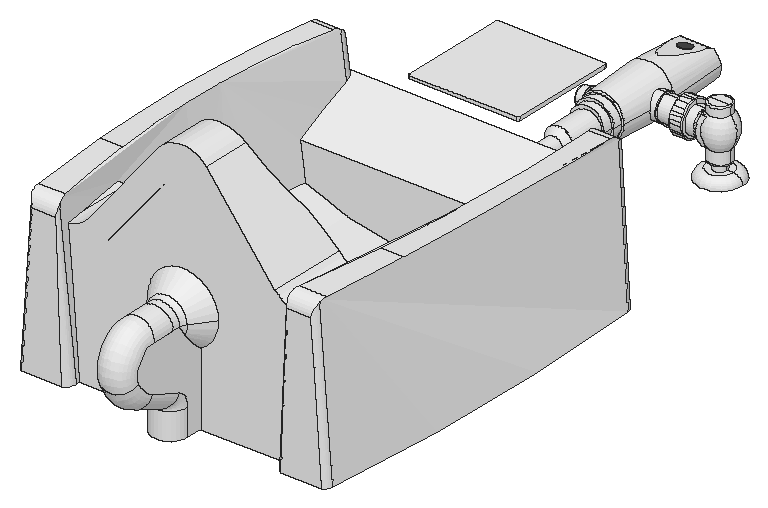
Revit family "Urinal_System-Top_Spud-American_Standard-Washbrook-6501_Series", category Plumbing Fixtures, host Face, Revit 2018
Family settings
  Host = Face
  Round Connector Dimension = Use Radius
  Part Type = Normal
  OmniClass Number = 23.45.05.21.11.21
  OmniClass Title = Urinals
  Cut with Voids When Loaded = No
  Shared = Yes
  Room Calculation Point = No
Parameters (values of type "6501.615.020")
  Working Pressure = "20 psi (flowing) - 80 psi (static)"  # constant formula
  Width = 14 1/8"  # constant formula
  Waste Connection Radius = 1"
  Waste Connection Height = 20 1/2"
  Waste Connection Diameter = Waste Connection Radius * 2  # 2"
  Waste Connection = yes
  Warranty Information = "1 Year Limited Warranty"
  WFU = 5  # constant formula
  Vent Connection = no
  URL = "http://www.americanstandard-us.com/"
  Type Comments = ""
  Shipping Weight = "56lbs (25.3kg)"
  Revised Date = "01/29/2021"  # constant formula
  Product Page URL = "https://www.americanstandard-us.com/bathroom/urinals/washbrook-10-gpf-washout-top-spud-urinal-with-selectronic-exposed-ac-flush-valve-system-22797?variant=white"
  Product Documentation Link = "https://www.americanstandard-us.com/-/media/sites/asus/files/product-specs/bulk/specsheet6501615.pdf?la=en"
  Price = "Prices may vary. Please consult Manufacturer Representative for most up-to-date price list."  # constant formula
  Model = "6501.615.020"
  Manufacturer = "American Standard"
  Length = 18 7/8"  # constant formula
  Installation Type = "Wall Mounted"
  Height = 26 1/8"  # constant formula
  HWFU = 0
  HW Connection = no
  Flushvalve = Flush_Valve-Urinal_Exposed-American_Standard-Selectronic-6062.101 : 6062.101.002
  Flush Rate = "0.125 gpf to 1.0 gpf (0.5 Lpf to 3.8 Lpf)"  # constant formula
  Flow Rate = "10gpm (37.9 L/min.)"  # constant formula
  Description = "1.0 gpf Exposed Top Spud Urinal and Selectronic® Exposed AC Urinal Flush Valve"
  Default Elevation = 17"
  Creation Date = "05/09/2019"  # constant formula
  Cold Water Connection Width = 4 3/4"
  Cold Water Connection Radius = 3/8"
  Cold Water Connection Height = 11 1/2"
  Cold Water Connection Diameter = Cold Water Connection Radius * 2  # 3/4"
  CWFU = 5  # constant formula
  CW Connection = yes
  Body Material = Ceramic-American_Standard-Vitreous_China-White
  Assembly Code = "D2010210"
  ADA Compliant = yes
Reference planes (in)
  plane 1 "Center (Front/Back)": y = 0
  plane 2: z = 0
  plane 3 "Center (Left/Right)": x = 0
  plane 4: y = 18
  plane 5: y = -8.125
  plane 6: y = -3.5
  plane 7: z = 9.25
  plane 8: x = 4.75
  plane 9: y = 29.5
  plane 10: z = 2.5
  plane 11 "Finished Floor": y = -17
  plane 12: y = 13.75
  plane 13: x = 6.75
  plane 14: x = -6.75
  plane 15: z = 2.875
  plane 16: z = 2.875
  plane 17: x = 9.4375
  plane 18: x = -9.4375
  plane 19: z = 14.125
Forms (in)
  Extrusion 1, solid, material "Ceramic-American_Standard-Vitreous_China-White" <- "Body Material"
    sketch origin (0, -1.34285, -0.00144) x (1, 0, 0) y (0, 0, -1)
      loop
        arc (-1.37413, -13.45215) -> (-0.00279, -14.11499) -> (1.36855, -13.45215) r 1.75
        line (1.36855, -13.45215) -> (5.22601, -8.58639)
        arc (5.22601, -8.58639) -> (5.88756, -8.04871) -> (6.7143, -7.84074) r 1.97077
        arc (6.7143, -7.84074) -> (7.38562, -8.00892) -> (7.8711, -8.50215) r 1.27922
        line (7.8711, -8.50215) -> (7.47718, -3.89541)
        arc (7.47718, -3.89541) -> (4.27025, -7.67877) -> (1.19134, -11.56702) r 148.62844
        arc (1.19134, -11.56702) -> (0, -12.15559) -> (-1.19134, -11.56702) r 1.5
        arc (-1.19134, -11.56702) -> (-4.27025, -7.67877) -> (-7.47718, -3.89541) r 148.62844
        line (-7.47718, -3.89541) -> (-7.87075, -8.49806)
        arc (-7.87075, -8.49806) -> (-7.38567, -8.00971) -> (-6.71773, -7.84345) r 1.27922
        arc (-6.71773, -7.84345) -> (-5.89099, -8.05143) -> (-5.22943, -8.58911) r 1.97077
        line (-5.22943, -8.58911) -> (-1.37413, -13.45215)
    from -1.2741 to 3.34285
  Sweep 2, solid, material "Ceramic-American_Standard-Vitreous_China-White" <- "Body Material"
    path origin (-23.75, -0.84285, 76.24856) x (0, 0, -1) y (0, 1, 0)
      loop
        line (74.67873, 17.45381) -> (74.67873, 4.92932)
        arc (74.67873, 4.92932) -> (74.10551, 3.08613) -> (72.58806, 1.89313) r 3.25
        arc (72.58806, 1.89313) -> (68.10802, 0.84546) -> (63.51086, 1.03094) r 17.08899
    profile origin (-23.75, 10.34872, 1.56984) x (0, 0, -1) y (1, 0, 0)
      loop
        line (-1.23491, 16.38031) -> (1.57846, 16.38031) -> (1.57846, 31.11969) -> (-1.23491, 31.11969)
        arc (-1.23491, 31.11969) -> (0.60163, 23.75) -> (-1.23491, 16.38031) r 15.70488
  Extrusion 3, void
    sketch origin (0, -1.34285, -0.00144) x (1, 0, 0) y (0, 0, -1)
      loop
        arc (-6.66067, -7.79822) -> (-7.39186, -8.00284) -> (-7.87826, -8.58587) r 1.27922
        line (-7.87826, -8.58587) -> (-7.87826, -14.00144) -> (-1.37826, -14.00144) -> (-1.37826, -13.32974) -> (-5.17238, -8.54388)
        arc (-5.17238, -8.54388) -> (-5.83393, -8.0062) -> (-6.66067, -7.79822) r 1.97077
      loop
        line (1.37134, -13.33847) -> (1.37134, -14.00144) -> (7.87826, -14.00144) -> (7.87826, -8.58587)
        arc (7.87826, -8.58587) -> (7.39186, -8.00284) -> (6.66067, -7.79822) r 1.27922
        arc (6.66067, -7.79822) -> (5.83393, -8.0062) -> (5.17238, -8.54388) r 1.97077
        line (5.17238, -8.54388) -> (1.37134, -13.33847)
    from -0.73459 to 2.9547
  Extrusion 4, void
    sketch origin (-23.76037, -1.34285, 16.50885) x (1, 0, 0) y (0, 0, -1)
      loop
        circle (23.78878, 10.62706) r 0.75
    from -2.92462 to 3.88871
  Sweep 5, solid, material "Ceramic-American_Standard-Vitreous_China-White" <- "Body Material"
    path origin (0, -3.02724, 60.37356) x (0, 0, -1) y (0, 1, 0)
      loop
        line (60.3865, -0.47276) -> (58.84768, -0.47276)
        arc (58.84768, -0.47276) -> (58.24702, -0.6564) -> (57.85174, -1.14453) r 1.07415
        line (57.85174, -1.14453) -> (57.09699, -3.0126)
        arc (57.09699, -3.0126) -> (56.7311, -3.57004) -> (56.17935, -3.94446) r 1.70451
        arc (56.17935, -3.94446) -> (55.06218, -3.84006) -> (54.5316, -2.85139) r 1.18643
        line (54.5316, -2.85139) -> (54.5316, -1.55273)
    profile origin (0, -3.5, 0.75647) x (0, -1, 0) y (1, 0, 0)
      loop
        arc (0, -1) -> (1, 0) -> (0, 1) r 1
        line (0, 1) -> (-0.55391, 1) -> (-0.55391, -1) -> (0, -1)
  Extrusion 6, void
    sketch origin (0, -3.71581, 60.21449) x (0, 0, 1) y (0, 1, 0)
      loop
        line (-50.5, 21.60572) -> (-50.5, 22.54322) -> (-60, 22.54322) -> (-60, 21.71581) -> (-52.47891, 21.71581)
        arc (-52.47891, 21.71581) -> (-51.79796, 21.44814) -> (-51.48155, 20.78844) r 1
        arc (-51.48155, 20.78844) -> (-51.07876, 13.40828) -> (-50.94444, 6.01835) r 203.35351
        line (-50.94444, 6.01835) -> (-50.94444, 1.08835)
        arc (-50.94444, 1.08835) -> (-51.18097, 0.51733) -> (-51.752, 0.2808) r 0.80755
        line (-51.752, 0.2808) -> (-60.21449, 0.2808) -> (-60.21449, -0.14428) -> (-50.5, -0.14428) -> (-50.5, 21.60572)
    from -9.77502 to 9.75
  Blend 7, solid, material "Ceramic-American_Standard-Vitreous_China-White" <- "Body Material"
    base sketch origin (-0.25, 0, -0.375) x (1, 0, 0) y (0, 0, 1)
      loop
        line (8.26389, 6.75) -> (-7.76389, 6.75) -> (-7.76389, 0.375) -> (8.26389, 0.375) -> (8.26389, 6.75)
    top sketch origin (-0.25, 0, -0.375) x (1, 0, 0) y (0, 0, 1)
      loop
        line (7.74782, 4.875) -> (-7.24782, 4.875) -> (-7.24782, 0.21449) -> (7.74782, 0.21449) -> (7.74782, 4.875)
    from -18 to -14.30259
  Blend 8, solid, material "Ceramic-American_Standard-Vitreous_China-White" <- "Body Material"
    base sketch origin (-60.56312, -3.49988, -0.00144) x (1, 0, 0) y (0, 1, 0)
      loop
        line (69.1113, 21.49988) -> (66.98174, 21.49988)
        arc (66.98174, 21.49988) -> (66.5545, 21.30319) -> (66.42609, 20.85072) r 0.56238
        arc (66.42609, 20.85072) -> (67.20808, 10.77691) -> (66.42645, 0.70307) r 65.29284
        arc (66.42645, 0.70307) -> (66.56541, 0.21346) -> (67.02771, 0.00064) r 0.60855
        line (67.02771, 0.00064) -> (68.81378, 0.00064)
        arc (68.81378, 0.00064) -> (69.18097, 0.14139) -> (69.36001, 0.49152) r 0.54936
        arc (69.36001, 0.49152) -> (69.98697, 10.72354) -> (69.68234, 20.97023) r 112.79114
        arc (69.68234, 20.97023) -> (69.50073, 21.34708) -> (69.1113, 21.49988) r 0.57266
    top sketch origin (-60.56312, -3.49988, -0.00144) x (1, 0, 0) y (0, 1, 0)
      loop
        line (68.62783, 21.49988) -> (68.25301, 21.49988)
        arc (68.25301, 21.49988) -> (67.97755, 21.37692) -> (67.88514, 21.08978) r 0.37004
        arc (67.88514, 21.08978) -> (68.25201, 10.66405) -> (67.09212, 0.29656) r 71.23018
        arc (67.09212, 0.29656) -> (67.14554, 0.09092) -> (67.33787, 0.00064) r 0.25
        line (67.33787, 0.00064) -> (68.17151, 0.00064)
        arc (68.17151, 0.00064) -> (68.50555, 0.1286) -> (68.66862, 0.44696) r 0.5
        arc (68.66862, 0.44696) -> (69.30481, 10.80196) -> (68.98263, 21.17148) r 112.29347
        arc (68.98263, 21.17148) -> (68.86955, 21.40518) -> (68.62783, 21.49988) r 0.35586
    from 0.00144 to 9.46593
  Extrusion 9, void
    sketch origin (0, 0, 0) x (1, 0, 0) y (0, 1, 0)
      loop
        arc (3.161, 1.02122) -> (5.25978, 1.87231) -> (7.5, 1.53968) r 4.30252
        line (7.5, 1.53968) -> (7.5, 3.99677) -> (-7.5, 3.99677) -> (-7.5, 1.49677)
        arc (-7.5, 1.49677) -> (-5.21679, 1.87816) -> (-3.06639, 1.02122) r 4.30252
        arc (-3.06639, 1.02122) -> (0.0473, -0.03068) -> (3.161, 1.02122) r 5.13433
    from 3.89398 to 14.125
  Extrusion 10, solid, material "Ceramic-American_Standard-Vitreous_China-White" <- "Body Material"
    sketch origin (0, 0, 0) x (1, 0, 0) y (0, 0, 1)
      loop
        line (6.52102, 0) -> (6.84414, 4.62077)
        arc (6.84414, 4.62077) -> (3.96542, 8.0506) -> (1.19134, 11.56559) r 148.62844
        arc (1.19134, 11.56559) -> (0, 12.15415) -> (-1.19134, 11.56559) r 1.5
        arc (-1.19134, 11.56559) -> (-3.93349, 8.08984) -> (-6.77795, 4.69731) r 148.62844
        line (-6.77795, 4.69731) -> (-6.44949, 0) -> (6.52102, 0)
    from 2.45414 to 2.61695
  Blend 11, solid, material "Ceramic-American_Standard-Vitreous_China-White" <- "Body Material"
    base sketch origin (60.56312, -3.49988, -0.00144) x (-1, 0, 0) y (0, -1, 0)
      loop
        arc (69.1113, -21.49988) -> (69.50073, -21.34708) -> (69.68234, -20.97023) r 0.57266
        arc (69.68234, -20.97023) -> (69.98697, -10.72354) -> (69.36001, -0.49152) r 112.79114
        arc (69.36001, -0.49152) -> (69.18097, -0.14139) -> (68.81378, -0.00064) r 0.54936
        line (68.81378, -0.00064) -> (67.02771, -0.00064)
        arc (67.02771, -0.00064) -> (66.56541, -0.21346) -> (66.42645, -0.70307) r 0.60855
        arc (66.42645, -0.70307) -> (67.20808, -10.77691) -> (66.42609, -20.85072) r 65.29284
        arc (66.42609, -20.85072) -> (66.5545, -21.30319) -> (66.98174, -21.49988) r 0.56238
        line (66.98174, -21.49988) -> (69.1113, -21.49988)
    top sketch origin (60.56312, -3.49988, -0.00144) x (-1, 0, 0) y (0, -1, 0)
      loop
        arc (68.62783, -21.49988) -> (68.86955, -21.40518) -> (68.98263, -21.17148) r 0.35586
        arc (68.98263, -21.17148) -> (69.30481, -10.80196) -> (68.66862, -0.44696) r 112.29347
        arc (68.66862, -0.44696) -> (68.50555, -0.1286) -> (68.17151, -0.00064) r 0.5
        line (68.17151, -0.00064) -> (67.33787, -0.00064)
        arc (67.33787, -0.00064) -> (67.14554, -0.09092) -> (67.09212, -0.29656) r 0.25
        arc (67.09212, -0.29656) -> (68.25201, -10.66405) -> (67.88514, -21.08978) r 71.23018
        arc (67.88514, -21.08978) -> (67.97755, -21.37692) -> (68.25301, -21.49988) r 0.37004
        line (68.25301, -21.49988) -> (68.62783, -21.49988)
    from 0.00144 to 9.46593
  Extrusion 12, solid, not visible
    sketch origin (-4.5, 0, 0) x (1, 0, 0) y (0, 1, 0)
      loop
        circle (9.25, 29.5) r 0.375
    from 0 to 0.01563
  Revolve 13, solid, material "Ceramic-American_Standard-Vitreous_China-White"
    sketch origin (0, 0, 0) x (0, 1, 0) y (0, 0, 1)
      loop
        line (18, 2.5) -> (18.5, 2.5) -> (18.5, 2.875) -> (18.25, 2.9375) -> (18.25, 3) -> (18, 3) -> (18, 2.5)
      axis (18, 2.5) -> (18.5, 2.5)
    angle from 0 to 360
  Extrusion 14, solid, material "Ceramic-American_Standard-Vitreous_China-White" <- "Body Material"
    sketch origin (0.0351, 0, 0) x (0, 1, 0) y (0, 0, 1)
      loop
        line (-2.45414, 5.84201) -> (-4.57997, 5.84201) -> (-4.57997, 5.34201) -> (-5.78488, 5.34201)
        arc (-5.78488, 5.34201) -> (-6.41614, 5.00325) -> (-6.4828, 4.28994) r 0.75753
        arc (-6.4828, 4.28994) -> (-6.20259, 3.87703) -> (-5.78542, 3.60321) r 1.2756
        line (-5.78542, 3.60321) -> (-4.01109, 2.88634)
        arc (-4.01109, 2.88634) -> (-3.32806, 2.33322) -> (-3.07109, 1.49273) r 1.50306
        line (-3.07109, 1.49273) -> (-3.07109, -0.01294) -> (-2.45414, -0.01294) -> (-2.45414, 5.84201)
    from -1.0351 to 0.9649
  Extrusion 15, void
    sketch origin (0, 0, 0) x (0, 1, 0) y (0, 0, 1)
      loop
        line (14.30259, -0.16051) -> (18, -0.16051) -> (18, 0) -> (14.30259, 0) -> (14.30259, -0.16051)
    from -8.01389 to 8.01389
  Revolve 16, solid, material "Ceramic-American_Standard-Vitreous_China-White" <- "Body Material"
    sketch origin (0, 0, 5.84196) x (1, 0, 0) y (0, 1, 0)
      loop
        line (-1, -4.58758) -> (0, -4.58758) -> (0, -2.61695) -> (-1.99443, -2.61695) -> (-1.12845, -3.76615)
        arc (-1.12845, -3.76615) -> (-1.03296, -3.94764) -> (-1, -4.15004) r 0.63788
        line (-1, -4.15004) -> (-1, -4.58758)
      axis (0, -2.61695) -> (0, -4.58758)
    angle from 0 to 360
Cuts and joins
  Extrusion 4, Extrusion 9, Extrusion 15 cuts Extrusion 1
  Extrusion 3, Extrusion 4, Extrusion 15 cuts Sweep 2
  Extrusion 4 cuts Sweep 5
  Extrusion 4, Extrusion 9, Extrusion 15 cuts Blend 7
  Extrusion 4, Extrusion 6, Extrusion 15 cuts Blend 8
  Extrusion 4, Extrusion 15 cuts Extrusion 10
  Extrusion 4, Extrusion 6, Extrusion 15 cuts Blend 11
  joined: Extrusion 1, Sweep 2, Sweep 5, Blend 7, Blend 8, Extrusion 10, Blend 11, Extrusion 14, Revolve 16
Lines and regions (in)
  Masking region 1
    outline origin (0, 0, 0) x (1, 0, 0) y (0, 0, 1)
      loop
        line (4.68225, 9.27005) -> (1.37134, 13.44641)
        arc (1.37134, 13.44641) -> (0, 14.10924) -> (-1.37134, 13.44641) r 1.75
        line (-1.37134, 13.44641) -> (-4.68225, 9.27005) -> (-8.56469, 9.27005)
        arc (-8.56469, 9.27005) -> (-8.67125, 9.24747) -> (-8.75949, 9.18362) r 0.26273
        line (-8.75949, 9.18362) -> (-9.43782, 0) -> (9.43782, 0) -> (8.75949, 9.18362)
        arc (8.75949, 9.18362) -> (8.67125, 9.24747) -> (8.56469, 9.27005) r 0.26273
        line (8.56469, 9.27005) -> (4.68225, 9.27005)
  symbolic lines, style "PlumbingFixtures", detail levels fine
    curve 1: arc (1.19134, 0, 11.56559) -> (0, 0, 12.15415) -> (-1.19134, 0, 11.56559) r 1.5
    curve 2: arc (-1.19134, 0, 11.56559) -> (-3.24152, 0, 8.94703) -> (-5.34978, 0, 6.375) r 148.62844
    curve 3: arc (5.34978, 0, 6.375) -> (3.24152, 0, 8.94703) -> (1.19134, 0, 11.56559) r 148.62844
  symbolic lines, style "PlumbingFixtures", detail levels medium+fine
    curve 4: line (6.84857, 0, 6.375) -> (-6.84857, 0, 6.375)
    curve 5: line (7.29113, 0, 9.27005) -> (6.84857, 0, 6.375)
    curve 6: line (-7.29113, 0, 9.27005) -> (-6.84857, 0, 6.375)
  model lines
    curve 7: line (-5.75, 16.5441, 0) -> (-7.75, 16.5441, 0)
    curve 8: line (-5.75, 12.97417, 0) -> (-5.75, 16.5441, 0)
    curve 9: line (-7.75, 12.97417, 0) -> (-5.75, 12.97417, 0)
    curve 10: line (-7.75, 16.5441, 0) -> (-7.75, 12.97417, 0)
    curve 11: circle (-6.0625, 14.87502, 0) r 0.1875 normal (0, 0, -1)
    curve 12: circle (-7.4375, 14.87502, 0) r 0.1875 normal (0, 0, -1)
    curve 13: arc (-6.9375, 14.06248, 0) -> (-6.75, 14.24998, 0) -> (-6.5625, 14.06248, 0) r 0.1875
    curve 14: arc (-6.5625, 13.43752, 0) -> (-6.75, 13.25002, 0) -> (-6.9375, 13.43752, 0) r 0.1875
    curve 15: line (-6.5625, 14.06248, 0) -> (-6.5625, 13.43752, 0)
    curve 16: line (-6.9375, 13.43752, 0) -> (-6.9375, 14.06248, 0)
    curve 17: line (5.75, 16.5441, 0) -> (7.75, 16.5441, 0)
    curve 18: line (5.75, 12.97417, 0) -> (5.75, 16.5441, 0)
    curve 19: line (7.75, 12.97417, 0) -> (5.75, 12.97417, 0)
    curve 20: line (7.75, 16.5441, 0) -> (7.75, 12.97417, 0)
    curve 21: circle (6.0625, 14.87502, 0) r 0.1875 normal (0, 0, 1)
    curve 22: circle (7.4375, 14.87502, 0) r 0.1875 normal (0, 0, 1)
    curve 23: arc (6.9375, 14.06248, 0) -> (6.75, 14.24998, 0) -> (6.5625, 14.06248, 0) r 0.1875
    curve 24: arc (6.5625, 13.43752, 0) -> (6.75, 13.25002, 0) -> (6.9375, 13.43752, 0) r 0.1875
    curve 25: line (6.5625, 14.06248, 0) -> (6.5625, 13.43752, 0)
    curve 26: line (6.9375, 13.43752, 0) -> (6.9375, 14.06248, 0)
Dimensions and locks (in)
  plane 1 "Center (Front/Back)" to plane 4 = 18"
  plane 7 to plane 2 = 9 1/4"
  "Default Elevation": plane 11 "Finished Floor" to plane 1 "Center (Front/Back)"
  plane 6 to plane 1 "Center (Front/Back)" = 3 1/2"
  "Cold Water Connection Height": plane 9 to plane 4
  "Cold Water Connection Width": plane 3 "Center (Left/Right)" to plane 8
  plane 6 to plane 11 "Finished Floor" = 13 1/2"
  plane 7 to host face = 9 1/4"
  plane 10 to host face = 2 1/2"
  "Length": plane 18 to plane 17
  "Width": plane 19 to host face
  "Height": plane 4 to plane 5
  aligned and locked: plane 2 to host face
  aligned and locked: level to host face
  aligned and locked: plane 19 to Extrusion 9
Automatic sketch dimensions
  curve 14 to plane 14 = 0"
  curve 23 to plane 13 = 0"
  plane 14 to curve 16 = 3/16"
  plane 14 to curve 12 = 11/16"
  curve 9 to curve 14 = 13/16"
  curve 11 to plane 14 = 11/16"
  curve 8 to plane 14 = 1"
  curve 17 to plane 8 = 1"
  curve 21 to plane 13 = 11/16"
  curve 25 to curve 24 = 3/16"
  plane 13 to curve 22 = 11/16"
  plane 13 to curve 20 = 1"
  curve 20 to plane 12 = 0.77583"
  curve 8 to plane 12 = 0.77583"
  curve 24 to plane 12 = 5/16"
  curve 16 to plane 12 = 5/16"
  plane 12 to curve 16 = 5/16"
  plane 12 to curve 23 = 5/16"
  curve 25 to curve 21 = 0.81254"
  curve 23 to curve 22 = 0.81254"
  curve 15 to curve 11 = 0.81254"
  curve 13 to curve 12 = 0.81254"
  curve 17 to plane 4 = 1.4559"
  curve 10 to plane 4 = 1.4559"
  curve 1 to plane 3 "Center (Left/Right)" = 0"
  plane 14 to curve 4 = 0.09857"
  plane 13 to curve 5 = 0.09857"
  plane 7 to curve 1 = 1.40415"
  curve 2 to plane 3 "Center (Left/Right)" = 1.19134"
  curve 1 to curve 2 = 0"
  plane 7 to curve 6 = 0.02005"
  plane 14 to curve 6 = 0.54113"
  curve 3 to curve 1 = 0"
  plane 7 to curve 5 = 0.02005"
  plane 13 to curve 5 = 0.54113"
  host sketch curve to host sketch curve = 96"  (x2)
  Extrusion 1 sketch curve to plane 3 "Center (Left/Right)" = 0.00279"
  Extrusion 1 sketch curve to plane 3 "Center (Left/Right)" = 0"
  Extrusion 1 sketch curve to plane 3 "Center (Left/Right)" = 1.37413"
  Extrusion 1 sketch curve to plane 7 = 0.66233"
  Extrusion 1 sketch curve to plane 14 = 1.52057"
  plane 14 to Extrusion 1 sketch curve = 0.0041"
  plane 14 to Extrusion 1 sketch curve = 0.02377"
  plane 14 to Extrusion 1 sketch curve = 0.72718"
  Extrusion 1 sketch curve to plane 7 = 0.75338"
  plane 14 to Extrusion 1 sketch curve = 1.12075"
  Extrusion 1 sketch curve to plane 8 = 0.47601"
  plane 13 to Extrusion 1 sketch curve = 0.00068"
  plane 13 to Extrusion 1 sketch curve = 0.02034"
  plane 13 to Extrusion 1 sketch curve = 0.72718"
  Extrusion 1 sketch curve to plane 7 = 0.74929"
  plane 13 to Extrusion 1 sketch curve = 1 31/256"
  Extrusion 1 sketch curve to Extrusion 1 sketch curve = 1.08717"
  plane 7 to Extrusion 1 sketch curve = 1.40415"
  plane 7 to Extrusion 1 sketch curve = 0.55927"
  plane 7 to Extrusion 1 sketch curve = 0.56198"
  Extrusion 1 sketch curve to plane 7 = 0.132"
  Extrusion 1 sketch curve to plane 7 = 0.12929"
  Extrusion 1 sketch curve to plane 7 = 0.66505"
  plane 16 to Extrusion 1 sketch curve = 1.01898"  (x2)
  Extrusion 1 sketch curve to Extrusion 1 sketch curve = 0"
  plane 7 to Sweep 2 sketch curve = 0.50644"
  plane 16 to Sweep 2 sketch curve = 1.94484"
  Sweep 2 sketch curve to plane 10 = 0.93016"
  Sweep 2 sketch curve to plane 1 "Center (Front/Back)" = 4.08647"
  Sweep 2 sketch curve to plane 4 = 0.98497"
  Sweep 2 sketch curve to plane 1 "Center (Front/Back)" = 0.1881"
  Sweep 2 sketch curve to plane 4 = 1.38904"
  profile plane to Sweep 2 sketch curve = 15.10326"
  profile plane to Sweep 2 sketch curve = 1.23491"  (x2)
  Sweep 2 sketch curve to profile plane = 1.57846"
  profile plane to Sweep 2 sketch curve = 16.38031"
  Sweep 2 sketch curve to Sweep 2 sketch curve = 7.36969"
  plane 14 to Extrusion 3 sketch curve = 1.12826"
  Extrusion 3 sketch curve to plane 14 = 0.03329"
  Extrusion 3 sketch curve to plane 14 = 0.05295"
  Extrusion 3 sketch curve to plane 7 = 0.70756"  (x2)
  Extrusion 3 sketch curve to plane 14 = 1.57762"
  Extrusion 3 sketch curve to plane 3 "Center (Left/Right)" = 1.37826"
  plane 3 "Center (Left/Right)" to Extrusion 3 sketch curve = 1.37134"
  Extrusion 3 sketch curve to plane 8 = 0.42238"
  Extrusion 3 sketch curve to plane 13 = 0.05295"
  Extrusion 3 sketch curve to plane 13 = 0.03329"
  plane 13 to Extrusion 3 sketch curve = 1.12826"
  plane 7 to Extrusion 3 sketch curve = 0.51675"  (x2)
  Extrusion 3 sketch curve to plane 7 = 0.17452"  (x2)
  Extrusion 3 sketch curve to plane 7 = 0.66557"  (x2)
  plane 3 "Center (Left/Right)" to Extrusion 4 sketch curve = 0.02841"
  plane 16 to Extrusion 4 sketch curve = 3.00679"
  Sweep 5 sketch curve to plane 6 = 0"
  plane 16 to Sweep 5 sketch curve = 2.96696"
  Sweep 5 sketch curve to Sweep 5 sketch curve = 0.98499"
  Sweep 5 sketch curve to Sweep 5 sketch curve = 0.20144"
  plane 16 to Sweep 5 sketch curve = 0.40157"
  plane 10 to Sweep 5 sketch curve = 0.02182"
  Sweep 5 sketch curve to plane 10 = 0.97411"
  Sweep 5 sketch curve to plane 6 = 0.67177"
  Sweep 5 sketch curve to plane 6 = 1.90132"
  Sweep 5 sketch curve to Sweep 5 sketch curve = 0.47731"
  Sweep 5 sketch curve to Sweep 5 sketch curve = 0.93186"
  Sweep 5 sketch curve to level = 0.01294"
  Sweep 5 sketch curve to plane 6 = 1.07997"
  Sweep 5 sketch curve to profile plane = 0"  (x3)
  profile plane to Sweep 5 sketch curve = 0.55391"
  Sweep 5 sketch curve to profile plane = 1"
  Extrusion 6 sketch curve to level = 0"
  Extrusion 6 sketch curve to plane 4 = 0"
  Extrusion 6 sketch curve to plane 1 "Center (Front/Back)" = 2.30254"
  Extrusion 6 sketch curve to level = 194.08346"
  level to Extrusion 6 sketch curve = 0.21449"
  Extrusion 6 sketch curve to plane 7 = 1.51441"
  plane 6 to Extrusion 6 sketch curve = 0.06499"
  Extrusion 6 sketch curve to plane 7 = 0.7875"
  plane 7 to Extrusion 6 sketch curve = 0.02005"
  plane 7 to Extrusion 6 sketch curve = 0.46449"
  Extrusion 6 sketch curve to plane 6 = 0.36009"
  Extrusion 6 sketch curve to Extrusion 6 sketch curve = 1"
  Extrusion 6 sketch curve to plane 4 = 0.11009"
  plane 4 to Extrusion 6 sketch curve = 0.82741"
  Blend 7 sketch curve to level = 0"
  Blend 7 sketch curve to plane 7 = 2 7/8"
  plane 14 to Blend 7 sketch curve = 0.74782"
  Blend 7 sketch curve to level = 0.16051"
  plane 13 to Blend 7 sketch curve = 0.74782"
  plane 16 to Blend 7 sketch curve = 1 5/8"
  Blend 8 sketch curve to plane 4 = 0"  (x2)
  Blend 8 sketch curve to plane 12 = 4.75126"
  Blend 8 sketch curve to plane 12 = 6.47413"
  Blend 8 sketch curve to Blend 8 sketch curve = 44.70545"
  Blend 8 sketch curve to plane 13 = 0.33138"
  Blend 8 sketch curve to plane 13 = 0.28541"
  plane 6 to Blend 8 sketch curve = 0.55013"
  plane 6 to Blend 8 sketch curve = 0.00077"  (x2)
  Blend 8 sketch curve to Blend 8 sketch curve = 0.60855"
  Blend 8 sketch curve to plane 4 = 0.57266"
  Blend 8 sketch curve to plane 4 = 0.56238"
  Blend 8 sketch curve to Blend 8 sketch curve = 0"  (x4)
  Blend 8 sketch curve to plane 12 = 4.74671"
  Blend 8 sketch curve to plane 12 = 3.87119"
  Blend 8 sketch curve to Blend 8 sketch curve = 40.04935"
  plane 13 to Blend 8 sketch curve = 0.02475"
  plane 13 to Blend 8 sketch curve = 0.8584"
  Blend 8 sketch curve to plane 4 = 0.37004"
  plane 13 to Blend 8 sketch curve = 0.93989"
  Blend 8 sketch curve to Blend 8 sketch curve = 0.37482"
  plane 6 to Blend 8 sketch curve = 0.50077"
  plane 6 to Blend 8 sketch curve = 0.25077"
  Blend 8 sketch curve to plane 4 = 0.35586"
  plane 14 to Extrusion 9 sketch curve = 3/4"
  Extrusion 9 sketch curve to plane 14 = 1.07436"
  plane 3 "Center (Left/Right)" to Extrusion 9 sketch curve = 0.0473"
  Extrusion 9 sketch curve to plane 13 = 0.97975"
  plane 13 to Extrusion 9 sketch curve = 3/4"
  plane 6 to Extrusion 9 sketch curve = 1.10018"  (x2)
  Extrusion 9 sketch curve to plane 1 "Center (Front/Back)" = 1.49677"
  Extrusion 9 sketch curve to plane 1 "Center (Front/Back)" = 1.53968"
  Extrusion 9 sketch curve to Extrusion 9 sketch curve = 2 1/2"
  Extrusion 9 sketch curve to plane 1 "Center (Front/Back)" = 5.10365"
  Extrusion 9 sketch curve to Extrusion 9 sketch curve = 0"
  Extrusion 10 sketch curve to level = 0"
  Extrusion 10 sketch curve to plane 3 "Center (Left/Right)" = 0"
  Extrusion 10 sketch curve to plane 14 = 0.30051"
  plane 14 to Extrusion 10 sketch curve = 0.02795"
  Extrusion 10 sketch curve to plane 13 = 0.22898"
  plane 13 to Extrusion 10 sketch curve = 0.09414"
  plane 16 to Extrusion 10 sketch curve = 1.74577"
  plane 16 to Extrusion 10 sketch curve = 1.82231"
  plane 7 to Extrusion 10 sketch curve = 1.40415"
  Extrusion 10 sketch curve to Extrusion 10 sketch curve = 0"
  Blend 11 sketch curve to plane 4 = 0"  (x2)
  Blend 11 sketch curve to plane 12 = 4.75126"
  Blend 11 sketch curve to plane 12 = 6.47413"
  Blend 11 sketch curve to Blend 11 sketch curve = 44.70545"
  Blend 11 sketch curve to plane 14 = 0.33138"
  Blend 11 sketch curve to plane 14 = 0.28541"
  plane 6 to Blend 11 sketch curve = 0.55013"
  Blend 11 sketch curve to plane 4 = 0.56238"
  Blend 11 sketch curve to plane 4 = 0.57266"
  plane 6 to Blend 11 sketch curve = 0.60932"
  plane 6 to Blend 11 sketch curve = 0.00077"  (x2)
  Blend 11 sketch curve to Blend 11 sketch curve = 0"  (x4)
  Blend 11 sketch curve to plane 12 = 4.74671"
  Blend 11 sketch curve to plane 12 = 3.87119"
  Blend 11 sketch curve to Blend 11 sketch curve = 40.04935"
  plane 14 to Blend 11 sketch curve = 0.02475"
  plane 14 to Blend 11 sketch curve = 0.8584"
  Blend 11 sketch curve to plane 4 = 0.37004"
  plane 14 to Blend 11 sketch curve = 0.93989"
  Blend 11 sketch curve to Blend 11 sketch curve = 0.37482"
  Blend 11 sketch curve to plane 4 = 0.35586"
  plane 6 to Blend 11 sketch curve = 0.50077"
  plane 6 to Blend 11 sketch curve = 0.25077"
  Extrusion 12 sketch curve to plane 8 = 0"
  Extrusion 12 sketch curve to plane 9 = 0"
  Revolve 13 sketch curve to plane 4 = 0"  (x2)
  Revolve 13 sketch curve to plane 10 = 0"  (x2)
  Revolve 13 sketch curve to plane 15 = 0"
  plane 4 to Revolve 13 sketch curve = 1/4"
  plane 4 to Revolve 13 sketch curve = 1/2"
  plane 15 to Revolve 13 sketch curve = 1/16"
  plane 15 to Revolve 13 sketch curve = 1/8"
  plane 4 to Revolve 13 sketch curve = 0.16371"
  Extrusion 15 sketch curve to level = 0"
  Extrusion 15 sketch curve to plane 4 = 0"
  Extrusion 15 sketch curve to level = 0.16051"
  plane 12 to Extrusion 15 sketch curve = 0.55259"
  Revolve 16 sketch curve to plane 3 "Center (Left/Right)" = 0"  (x2)
  Revolve 16 sketch curve to Revolve 16 sketch curve = 1"
  Revolve 16 sketch curve to plane 6 = 0.26615"
  Revolve 16 sketch curve to Revolve 16 sketch curve = 0.12845"
  Revolve 16 sketch curve to Revolve 16 sketch curve = 0.50944"
  Revolve 16 sketch curve to Revolve 16 sketch curve = 0.86599"
  Revolve 16 sketch curve to Revolve 16 sketch curve = 0.43754"
  plane 6 to Revolve 16 sketch curve = 0.88305"
  plane 6 to Revolve 16 sketch curve = 0.20785"
  Revolve 16 sketch curve to Revolve 16 sketch curve = 1/4"
  plane 13 to curve 3 = 112.48562"
  plane 13 to Extrusion 1 sketch curve = 112.48562"
  plane 13 to Blend 7 sketch curve = 1.26389"
  plane 13 to Blend 8 sketch curve = 1.50066"
  plane 13 to Blend 8 sketch curve = 1.79818"
  plane 13 to Extrusion 10 sketch curve = 112.48562"
  plane 13 to Blend 11 sketch curve = 51.89788"
  plane 13 to Blend 11 sketch curve = 56.73954"
  plane 14 to curve 2 = 112.48562"
  plane 14 to Extrusion 1 sketch curve = 112.48562"
  plane 14 to Blend 7 sketch curve = 1.26389"
  plane 14 to Blend 8 sketch curve = 51.89788"
  plane 14 to Blend 8 sketch curve = 56.73954"
  plane 14 to Extrusion 10 sketch curve = 112.48562"
  plane 14 to Blend 11 sketch curve = 1.50066"
  plane 14 to Blend 11 sketch curve = 1.79818"
  plane 7 to curve 3 = 92.62594"
  plane 7 to curve 2 = 92.62594"
  plane 3 "Center (Left/Right)" to Extrusion 1 sketch curve = 1.36855"
  Extrusion 1 sketch curve to Extrusion 1 sketch curve = 1.7094"
  plane 7 to Extrusion 1 sketch curve = 92.62594"  (x2)
  plane 7 to Sweep 2 sketch curve = 3.4877"
  plane 7 to Extrusion 3 sketch curve = 4.0783"
  Extrusion 3 sketch curve to Extrusion 3 sketch curve = 0.00873"
  Extrusion 3 sketch curve to Extrusion 3 sketch curve = 4.23325"
  Extrusion 3 sketch curve to Extrusion 3 sketch curve = 0.66297"
  plane 7 to Extrusion 10 sketch curve = 92.62594"  (x2)
  plane 16 to Extrusion 14 sketch curve = 0.72821"
  Extrusion 14 sketch curve to plane 6 = 2.28542"
  Extrusion 14 sketch curve to Extrusion 14 sketch curve = 0.00054"
  Extrusion 14 sketch curve to Extrusion 14 sketch curve = 0.47731"
  Extrusion 14 sketch curve to plane 6 = 1.07415"
  Extrusion 14 sketch curve to plane 6 = 1.07997"
  plane 16 to Extrusion 14 sketch curve = 0.01134"
  Extrusion 14 sketch curve to plane 6 = 0.51109"
  Extrusion 14 sketch curve to level = 0.01294"
  plane 6 to Extrusion 14 sketch curve = 0.42891"
  Extrusion 14 sketch curve to Extrusion 14 sketch curve = 0.61696"
  Extrusion 14 sketch curve to Extrusion 14 sketch curve = 0.98128"
  Extrusion 14 sketch curve to Extrusion 14 sketch curve = 0.20144"
  Extrusion 14 sketch curve to Extrusion 14 sketch curve = 0.55608"
  Extrusion 14 sketch curve to Extrusion 14 sketch curve = 1/2"
  Masking region 1 sketch curve to plane 3 "Center (Left/Right)" = 0"
  Masking region 1 sketch curve to level = 0"
  Masking region 1 sketch curve to plane 19 = 0.67859"  (x2)
  Masking region 1 sketch curve to plane 3 "Center (Left/Right)" = 1.37134"
  plane 7 to Masking region 1 sketch curve = 0.02005"  (x2)
  Masking region 1 sketch curve to plane 14 = 2.06775"
  Masking region 1 sketch curve to plane 18 = 0.87281"
  Masking region 1 sketch curve to plane 7 = 0.06638"  (x2)
  Masking region 1 sketch curve to Masking region 1 sketch curve = 0.1948"  (x2)
  plane 18 to Masking region 1 sketch curve = 0.00032"
  plane 8 to Masking region 1 sketch curve = 0.06775"
  Masking region 1 sketch curve to plane 17 = 0.87281"
  Masking region 1 sketch curve to Masking region 1 sketch curve = 1.08717"
  plane 17 to Masking region 1 sketch curve = 0.00032"
  curve 4 to plane 7 = 2 7/8"
  radius of curve 11 = 3/16"
  radius of curve 12 = 3/16"
  radius of curve 21 = 3/16"
  radius of curve 22 = 3/16"
  radius of Extrusion 4 sketch curve = 3/4"
  radius of Extrusion 12 sketch curve = 3/8"
Nested families (in)
  nested 1: "Flush_Valve-Urinal_Exposed-American_Standard-Selectronic-6062.101" at (0, 18, 2.5) x (1, 0, 0) z (0, 1, 0), Cold Water Connection Width <- "Cold Water Connection Width", type <- "Flushvalve", type "6062.101.002"
    with Cold Water Connection Width 4 3/4"
Connectors (in)
  piping at (0, -3.5, -0.01294), diameter 2, driven by "Waste Connection Radius", driven by "WFU"
    settings: on Sweep 5, index 1, connector inside diameter 2", connector length 0", flow factor 0, pipe flow 0 GPM, pressure drop 0.00 psi, fitting loss kfactor 0, connector angle 0.00°, fixture units 5, engagement length 0", angle of deflection 0.00°, flow configuration 3, flow direction 2, fitting loss method 0, system type 16, joint type 0, gender type 0, connector reference index -1, connector utility 0, adjustable connector yes, is connector primary yes, connector description "2\" N.P.T. FEMALE OUTLET CONNECTION"
  piping at (4.75, 29.5, 0), diameter 0.75, driven by "Cold Water Connection Radius", driven by "CWFU"
    settings: on Extrusion 12, index 2, connector inside diameter 3/4", connector length 0", flow factor 0, pipe flow 0 GPM, pressure drop 0.00 psi, fitting loss kfactor 0, connector angle 0.00°, fixture units 5, engagement length 0", angle of deflection 0.00°, flow configuration 3, flow direction 1, fitting loss method 0, system type 20, joint type 0, gender type 0, connector reference index -1, connector utility 0, adjustable connector no, is connector primary no, connector description "3/4 I.P.S. OR 3/4 C.W.T. SUPPLY TO FLUSH VALVE"
Definition of nested family "Flush_Valve-Urinal_Exposed-American_Standard-Selectronic-6062.101"
  Parameters
    Width = 2 7/8"
    Waste Connection = no
    Warranty Information = "1 Year Limited Warranty"
    WFU = 0
    Voltage = 240 V
    Vent Connection = no
    URL = "http://www.americanstandard-us.com/"
    Product Page URL = "https://www.americanstandard-us.com/bathroom/commercial-flushometers/exposed-selectronic-ac-urinal-10-gpf-flush-valve-22406"
    Product Documentation Link = "https://www.americanstandard-us.com/-/media/sites/asus/files/product-specs/bulk/specsheet6061101.pdf?la=en"
    Price = "Prices may vary. Please consult Manufacturer Representative for most up-to-date price list."  # constant formula
    Model = "6062.101.002"
    Material = "Metal-American Standard-002-Polished Chrome"
    Manufacturer = "American Standard"
    Length = 2 1/2"
    Installation Type = "Surface Mounted"
    Height = 16 1/2"
    HWFU = 0
    HW Connection = no
    Frequency = if(Voltage < 101 V, 50 Hz, 60 Hz)  # 60 Hz
    Flush Rate = "1.0 gpf"
    Description = "Exposed Selectronic AC Urinal 1.0 gpf Flush Valve"
    Default Elevation = 0"
    Creation Date = "05/09/2019"  # constant formula
    Cold Water Connection Width [instance] = 4 3/4"
    Cold Water Connection Radius = 3/8"
    Cold Water Connection Height = 11 1/2"
    Cold Water Connection Diameter = Cold Water Connection Radius * 2  # 3/4"
    CWFU = 5  # constant formula
    CW Connection = yes
    Battery Life = "Up to 4-years life (approx. 200,000 cycles)"
    Assembly Code = "D2020100"
    ADA Compliant = yes
  Reference planes (in)
    plane 1 "Center (Front/Back)": y = 0
    plane 2: z = 0
    plane 3 "Center (Left/Right)": x = 0
    plane 4: z = 11.5
    plane 5: z = 1
    plane 6: x = -0.375
    plane 7: x = -1.25
    plane 8: z = 5.65625
    plane 9: z = 6.01562
    plane 10: z = 8.5
    plane 11: x = -0.75
    plane 12: z = 8
    plane 13: x = -1
    plane 14: z = 9
    plane 15: z = 12.5
    plane 16: x = -1.25
    plane 17: x = -1.4375
    plane 18: x = -1.4375
    plane 19: x = 1.4375
    plane 20: x = 4.25
    plane 21: y = 0
    plane 22: z = 10.5
    plane 23: x = -1.92645
    plane 24: y = 2.5
    plane 25: x = 4.75
    plane 26: x = -1.125
    plane 27: y = -1.39844
    plane 28: y = 1.60156
    plane 29: y = 1.60156
    plane 30: x = 3.36194
    plane 31: x = 3.36194
    plane 32: x = 2.61194
    plane 33: y = -1
    plane 34: x = 3.44382
    plane 35: x = 2.52702
    plane 36: x = 3.36194
    plane 37: y = 0.75656
    plane 38: y = 1.28113
    plane 39: x = 4.45326
    plane 40: z = 16.125
    plane 41: z = 14.875
  Forms (in)
    Revolve 1, solid
      sketch origin (0, 0, 0) x (1, 0, 0) y (0, 0, 1)
        loop
          line (0, 0) -> (0, 16.125) -> (-1.16397, 16.125)
          arc (-1.16397, 16.125) -> (-1.20697, 16.10786) -> (-1.22638, 16.06584) r 0.0625
          line (-1.22638, 16.06584) -> (-1.42746, 12.3125) -> (-1.25317, 9.05916)
          arc (-1.25317, 9.05916) -> (-1.23375, 9.01714) -> (-1.19076, 9) r 0.0625
          line (-1.19076, 9) -> (-1.125, 9) -> (-1.125, 8.5) -> (-1, 8.5) -> (-1, 8) -> (-0.82812, 8) -> (-0.82812, 6.02745) -> (-0.48929, 5.65625) -> (-0.48929, 1.25) -> (-0.91608, 1.25) -> (-0.91608, 1) -> (-1.125, 1)
          arc (-1.125, 1) -> (-1.21339, 0.96339) -> (-1.25, 0.875) r 0.125
          line (-1.25, 0.875) -> (-1.25, 0) -> (0, 0)
        axis (0, 0) -> (0, 16.125)
      angle from 0 to 360
    Revolve 2, solid
      sketch origin (0, -12.25, 11.5) x (1, 0, 0) y (0, 1, 0)
        loop
          line (0, 11.5) -> (1.66035, 11.5)
          arc (1.66035, 11.5) -> (1.67803, 11.50732) -> (1.68535, 11.52499) r 0.02499
          line (1.68535, 11.52499) -> (1.68535, 11.5625) -> (2.61194, 11.5625) -> (2.61194, 11.3125)
          arc (2.61194, 11.3125) -> (2.63024, 11.26831) -> (2.67444, 11.25) r 0.0625
          line (2.67444, 11.25) -> (3.29944, 11.25)
          arc (3.29944, 11.25) -> (3.34363, 11.26831) -> (3.36194, 11.3125) r 0.0625
          line (3.36194, 11.3125) -> (3.36194, 12.25) -> (0, 12.25) -> (0, 11.5)
        axis (0, 12.25) -> (3.36194, 12.25)
      angle from 0 to 360
    Revolve 3, solid
      sketch origin (0, 0, -1.5) x (1, 0, 0) y (0, 0, 1)
        loop
          line (-1.92645, 11.5) -> (-1.1154, 11.5) -> (-1.1154, 12) -> (-1.41083, 12) -> (-1.41083, 12.05386)
          arc (-1.41083, 12.05386) -> (-1.4181, 12.07022) -> (-1.43512, 12.07579) r 0.02205
          line (-1.43512, 12.07579) -> (-1.81417, 12.03704)
          arc (-1.81417, 12.03704) -> (-1.89423, 11.99646) -> (-1.92645, 11.91269) r 0.125
          line (-1.92645, 11.91269) -> (-1.92645, 11.5)
        axis (-1.92645, 11.5) -> (-1.1154, 11.5)
      angle from 0 to 360
    Revolve 4, solid
      sketch origin (16.25, 0.10156, 11.5) x (0, 1, 0) y (-1, 0, 0)
        loop
          line (1.5, 11.5) -> (-1.5, 11.5) -> (-1.5, 10.9375)
          arc (-1.5, 10.9375) -> (-1.48169, 10.89331) -> (-1.4375, 10.875) r 0.0625
          line (-1.4375, 10.875) -> (-1, 10.875)
          arc (-1, 10.875) -> (-0.125, 10.56902) -> (0.75, 10.875) r 1.40408
          line (0.75, 10.875) -> (1.4375, 10.875)
          arc (1.4375, 10.875) -> (1.48169, 10.89331) -> (1.5, 10.9375) r 0.0625
          line (1.5, 10.9375) -> (1.5, 11.5)
        axis (-1.5, 11.5) -> (1.5, 11.5)
      angle from 0 to 360
    Extrusion 5, solid
      sketch origin (0.2356, 0, 8.71373) x (0, 1, 0) y (0, 0, 1)
        loop
          arc (0.78486, 3.45828) -> (0, 3.60563) -> (-0.78534, 3.4609) r 2.18333
          line (-0.78534, 3.4609) -> (-0.78534, 2.11165)
          arc (-0.78534, 2.11165) -> (0, 1.96691) -> (0.78486, 2.11426) r 2.18333
          line (0.78486, 2.11426) -> (0.78486, 3.45828)
      from 3.12633 to 4.5144
    Revolve 6, void
      sketch origin (0.2356, 0, 11.46373) x (1, 0, 0) y (0, 1, 0)
        loop
          arc (3.65376, 0.75656) -> (3.75834, 0.77948) -> (3.84373, 0.84405) r 0.25
          line (3.84373, 0.84405) -> (4.21766, 1.28113) -> (3.12633, 1.28113) -> (3.12633, 0.75656) -> (3.65376, 0.75656)
        axis (3.12633, 0) -> (4.21766, 0)
      angle from 0 to 360
    Revolve 7, solid
      sketch origin (0, 0, 11.5) x (1, 0, 0) y (0, 1, 0)
        loop
          line (5.12341, 1.60156) -> (5.12341, 2) -> (5.49841, 2)
          arc (5.49841, 2) -> (5.85196, 2.14645) -> (5.99841, 2.5) r 0.5
          line (5.99841, 2.5) -> (4.75, 2.5) -> (4.75, 1.60156) -> (5.12341, 1.60156)
        axis (4.75, 2.5) -> (4.75, 1.60156)
      angle from 0 to 360
    Extrusion 8, void
      sketch origin (0, -11.5, 11.5) x (0, 0, -1) y (0, 1, 0)
        loop
          line (-0.78727, 12.09065) -> (-0.89045, 11.91194)
          arc (-0.89045, 11.91194) -> (-1.00188, 11.49606) -> (-0.89045, 11.08019) r 0.83175
          line (-0.89045, 11.08019) -> (-0.80639, 10.93458)
          arc (-0.80639, 10.93458) -> (-0.50678, 10.63498) -> (-0.09751, 10.52532) r 0.81854
          line (-0.09751, 10.52532) -> (0.10032, 10.52532)
          arc (0.10032, 10.52532) -> (0.50714, 10.63432) -> (0.80495, 10.93214) r 0.81364
          line (0.80495, 10.93214) -> (0.89636, 11.09046)
          arc (0.89636, 11.09046) -> (1.0009, 11.48062) -> (0.89636, 11.87077) r 0.78032
          line (0.89636, 11.87077) -> (0.75911, 12.1085)
          arc (0.75911, 12.1085) -> (0.50097, 12.36664) -> (0.14834, 12.46113) r 0.70526
          line (0.14834, 12.46113) -> (-0.14558, 12.46113)
          arc (-0.14558, 12.46113) -> (-0.51606, 12.36186) -> (-0.78727, 12.09065) r 0.74096
        loop
          circle (0, 11.5) r 1.06968
      from 2.52702 to 3.44382
    Extrusion 9, void
      sketch origin (0, 0, -0.35854) x (0, 1, 0) y (0, 0, 1)
        loop
          line (1.50643, 16.53747) -> (-1.44822, 16.53747) -> (-1.44822, 13.02632) -> (-0.85456, 16.08044)
          arc (-0.85456, 16.08044) -> (-0.83701, 16.11309) -> (-0.80406, 16.13007) r 0.0625
          line (-0.80406, 16.13007) -> (1.50643, 16.53747)
      from -1.4375 to 1.4375
    Extrusion 10, solid
      sketch origin (0, -1.59444, 11.91555) x (0, 0.190809, 0.981627) y (-1, 0, 0)
        loop
          circle (3.08303, 0) r 0.375
      from -0.01396 to 0.00768
    Extrusion 11, solid
      sketch origin (0, 0, 0) x (1, 0, 0) y (0, 0, 1)
        loop
          line (-5.48933, 16.125) -> (-11.51104, 16.125)
          arc (-11.51104, 16.125) -> (-11.59236, 16.09132) -> (-11.62605, 16.00999) r 0.11501
          line (-11.62605, 16.00999) -> (-11.62605, 9.98828)
          arc (-11.62605, 9.98828) -> (-11.59287, 9.90818) -> (-11.51277, 9.875) r 0.11328
          line (-11.51277, 9.875) -> (-5.48933, 9.875)
          arc (-5.48933, 9.875) -> (-5.40923, 9.90818) -> (-5.37605, 9.98828) r 0.11328
          line (-5.37605, 9.98828) -> (-5.37605, 16.01172)
          arc (-5.37605, 16.01172) -> (-5.40923, 16.09182) -> (-5.48933, 16.125) r 0.11328
      from -2.5 to -2.30701
    Revolve 12, solid
      sketch origin (0, 0, 0) x (0, 1, 0) y (0, 0, 1)
        loop
          line (2.5, 14.875) -> (2.5, 16.125) -> (2.36197, 16.125)
          arc (2.36197, 16.125) -> (2.3231, 16.1089) -> (2.30701, 16.07004) r 0.05496
          line (2.30701, 16.07004) -> (2.30701, 15.41689)
          arc (2.30701, 15.41689) -> (2.28792, 15.3708) -> (2.24183, 15.35171) r 0.06518
          line (2.24183, 15.35171) -> (2.03618, 15.35171)
          arc (2.03618, 15.35171) -> (1.99782, 15.33582) -> (1.98193, 15.29746) r 0.05425
          line (1.98193, 15.29746) -> (1.98193, 15.01719) -> (0, 15.01719) -> (0, 14.875) -> (2.5, 14.875)
        axis (2.5, 14.875) -> (0, 14.875)
      angle from 0 to 360
  Cuts and joins
    Extrusion 8, Extrusion 9 cuts Revolve 1
    Extrusion 8, Extrusion 9 cuts Revolve 2
    Extrusion 8, Extrusion 9 cuts Revolve 3
    Extrusion 8, Extrusion 9 cuts Revolve 4
    Revolve 6, Extrusion 9 cuts Extrusion 5
    Extrusion 8, Extrusion 9 cuts Revolve 7
    joined: Revolve 1, Revolve 2, Revolve 3, Revolve 4, Extrusion 5, Revolve 7, Extrusion 11, Revolve 12
  Lines and regions (in)
    Masking region 1
      outline origin (0, 0, 0) x (1, 0, 0) y (0, 1, 0)
        loop
          line (-1.34747, 0.47113) -> (-1.41083, 0.47113) -> (-1.41083, 0.5245)
          arc (-1.41083, 0.5245) -> (-1.41836, 0.54143) -> (-1.43599, 0.54716) r 0.02278
          line (-1.43599, 0.54716) -> (-1.8159, 0.50723)
          arc (-1.8159, 0.50723) -> (-1.89288, 0.46801) -> (-1.92384, 0.38735) r 0.12054
          line (-1.92384, 0.38735) -> (-1.92384, -0.41696)
          arc (-1.92384, -0.41696) -> (-1.89288, -0.49762) -> (-1.8159, -0.53684) r 0.12054
          line (-1.8159, -0.53684) -> (-1.43599, -0.57677)
          arc (-1.43599, -0.57677) -> (-1.41836, -0.57104) -> (-1.41083, -0.55412) r 0.02278
          line (-1.41083, -0.55412) -> (-1.41083, -0.50074) -> (-1.34747, -0.50074)
          arc (-1.34747, -0.50074) -> (-0.13824, -1.43084) -> (1.22669, -0.74943) r 1.4375
          line (1.22669, -0.74943) -> (1.66087, -0.74943)
          arc (1.66087, -0.74943) -> (1.67825, -0.74219) -> (1.68535, -0.72474) r 0.02448
          line (1.68535, -0.72474) -> (1.68535, -0.6875) -> (2.61194, -0.6875) -> (2.61194, -0.95581)
          arc (2.61194, -0.95581) -> (2.61784, -0.97007) -> (2.63209, -0.97597) r 0.02016
          line (2.63209, -0.97597) -> (3.34169, -0.97597)
          arc (3.34169, -0.97597) -> (3.35601, -0.97004) -> (3.36194, -0.95573) r 0.02024
          line (3.36194, -0.95573) -> (3.36194, -0.75569) -> (3.88808, -0.75569)
          arc (3.88808, -0.75569) -> (3.94806, -0.76397) -> (4.0049, -0.78486) r 0.28201
          line (4.0049, -0.78486) -> (4.04372, -0.78486) -> (4.125, -0.89844) -> (4.125, -1.33466)
          arc (4.125, -1.33466) -> (4.14331, -1.37886) -> (4.1875, -1.39716) r 0.0625
          line (4.1875, -1.39716) -> (5.3125, -1.39716)
          arc (5.3125, -1.39716) -> (5.35669, -1.37886) -> (5.375, -1.33466) r 0.0625
          line (5.375, -1.33466) -> (5.375, -0.89844)
          arc (5.375, -0.89844) -> (5.67918, -0.02344) -> (5.375, 0.85156) r 1.41059
          line (5.375, 0.85156) -> (5.375, 1.53869)
          arc (5.375, 1.53869) -> (5.35659, 1.58315) -> (5.31213, 1.60156) r 0.06287
          line (5.31213, 1.60156) -> (5.12341, 1.60156) -> (5.12341, 2) -> (5.49841, 2)
          arc (5.49841, 2) -> (5.85196, 2.14645) -> (5.99841, 2.5) r 0.5
          line (5.99841, 2.5) -> (3.50159, 2.5)
          arc (3.50159, 2.5) -> (3.64804, 2.14645) -> (4.00159, 2) r 0.5
          line (4.00159, 2) -> (4.37659, 2) -> (4.37659, 1.60156) -> (4.1875, 1.60156)
          arc (4.1875, 1.60156) -> (4.14331, 1.58326) -> (4.125, 1.53906) r 0.0625
          line (4.125, 1.53906) -> (4.125, 0.85156) -> (4.07475, 0.78486) -> (4.0049, 0.78486)
          arc (4.0049, 0.78486) -> (3.94806, 0.76397) -> (3.88808, 0.75569) r 0.28201
          line (3.88808, 0.75569) -> (3.36194, 0.75569) -> (3.36194, 0.94254) -> (2.61194, 0.94254) -> (2.61194, 0.66805) -> (1.68535, 0.66805) -> (1.68535, 0.70766)
          arc (1.68535, 0.70766) -> (1.67881, 0.72344) -> (1.66303, 0.72998) r 0.02232
          line (1.66303, 0.72998) -> (1.22669, 0.72998)
          arc (1.22669, 0.72998) -> (0.76812, 1.20317) -> (0.14587, 1.41998) r 1.42746
          line (0.14587, 1.41998) -> (0.14587, 1.97597) -> (0.41899, 1.97597)
          arc (0.41899, 1.97597) -> (0.46522, 1.99512) -> (0.48437, 2.04136) r 0.06539
          line (0.48437, 2.04136) -> (0.48437, 2.23844)
          arc (0.48437, 2.23844) -> (0.50579, 2.29015) -> (0.55751, 2.31157) r 0.07313
          line (0.55751, 2.31157) -> (1.20905, 2.31157)
          arc (1.20905, 2.31157) -> (1.23801, 2.32356) -> (1.25, 2.35252) r 0.04095
          line (1.25, 2.35252) -> (1.25, 2.5) -> (-1.25, 2.5) -> (-1.25, 2.35252)
          arc (-1.25, 2.35252) -> (-1.23801, 2.32356) -> (-1.20905, 2.31157) r 0.04095
          line (-1.20905, 2.31157) -> (-0.55751, 2.31157)
          arc (-0.55751, 2.31157) -> (-0.50579, 2.29015) -> (-0.48437, 2.23844) r 0.07313
          line (-0.48437, 2.23844) -> (-0.48437, 2.04136)
          arc (-0.48437, 2.04136) -> (-0.46522, 1.99512) -> (-0.41899, 1.97597) r 0.06539
          line (-0.41899, 1.97597) -> (-0.14587, 1.97597) -> (-0.14587, 1.41998)
          arc (-0.14587, 1.41998) -> (-0.88464, 1.12028) -> (-1.34747, 0.47113) r 1.42746
        loop
          line (-11.62605, 2.30701) -> (-5.37605, 2.30701) -> (-5.37605, 2.5) -> (-11.62605, 2.5) -> (-11.62605, 2.30701)
    symbolic lines, detail levels medium+fine
      curve 1: line (4.37659, 1.60156, 0) -> (5.12341, 1.60156, 0)
      curve 2: line (5.12341, 1.60156, 0) -> (5.12341, 2, 0)
      curve 3: line (5.12341, 2, 0) -> (4.37659, 2, 0)
      curve 4: line (1.68535, -0.66805, 0) -> (1.68535, 0.66821, 0)
      curve 7: line (2.61194, -0.6875, 0) -> (2.61194, 0.6875, 0)
      curve 8: line (3.36194, -0.74431, 0) -> (3.36194, 0.75569, 0)
      curve 31: spline (0.73881, 0.97888, 0) -> (0.62771, 1.04733, 0) -> (0.51012, 1.10433, 0) -> (0.38727, 1.14929, 0) -> (0.26043, 1.18174, 0) -> (0.13089, 1.20134, 0) -> (0, 1.2079, 0) -> (-0.13088, 1.20134, 0) -> (-0.26042, 1.18174, 0) -> (-0.38727, 1.14929, 0) -> (-0.51012, 1.10434, 0) -> (-0.6277, 1.04734, 0) -> (-0.7388, 0.97888, 0)
      curve 32: spline (-0.7388, 0.97888, 0) -> (-0.81123, 0.92017, 0) -> (-0.87903, 0.85631, 0) -> (-0.94183, 0.78768, 0) -> (-0.99927, 0.71463, 0) -> (-1.05104, 0.63759, 0) -> (-1.09685, 0.55697, 0) -> (-1.13646, 0.47322, 0) -> (-1.16963, 0.3868, 0) -> (-1.19619, 0.29819, 0) -> (-1.216, 0.20789, 0) -> (-1.22893, 0.11638, 0) -> (-1.23492, 0.02418, 0)
      curve 33: spline (-1.23492, 0.02418, 0) -> (-1.23491, -0.05025, 0) -> (-1.23039, -0.12456, 0) -> (-1.22137, -0.19847, 0) -> (-1.20789, -0.27171, 0) -> (-1.19, -0.34403, 0) -> (-1.16776, -0.41518, 0) -> (-1.14125, -0.48488, 0) -> (-1.11057, -0.55291, 0) -> (-1.07582, -0.61902, 0) -> (-1.03713, -0.68296, 0) -> (-0.99463, -0.74452, 0) -> (-0.94848, -0.80347, 0)
      curve 34: spline (0.94857, -0.80335, 0) -> (0.99471, -0.7444, 0) -> (1.0372, -0.68285, 0) -> (1.07588, -0.61891, 0) -> (1.11062, -0.55281, 0) -> (1.1413, -0.48479, 0) -> (1.1678, -0.41508, 0) -> (1.19003, -0.34395, 0) -> (1.20791, -0.27163, 0) -> (1.22138, -0.19839, 0) -> (1.23039, -0.1245, 0) -> (1.23491, -0.0502, 0) -> (1.23492, 0.02423, 0)
      curve 35: spline (1.23492, 0.02423, 0) -> (1.22893, 0.11642, 0) -> (1.21599, 0.20792, 0) -> (1.19619, 0.29822, 0) -> (1.16962, 0.38682, 0) -> (1.13645, 0.47324, 0) -> (1.09685, 0.55698, 0) -> (1.05103, 0.6376, 0) -> (0.99926, 0.71464, 0) -> (0.94182, 0.78768, 0) -> (0.87903, 0.85631, 0) -> (0.81123, 0.92016, 0) -> (0.73881, 0.97888, 0)
      curve 36: line (0.90632, -0.85456, 0) -> (-0.90631, -0.85456, 0)
      curve 37: spline (-0.90631, -0.85456, 0) -> (-0.90801, -0.8523, 0) -> (-0.91013, -0.84957, 0) -> (-0.91266, -0.84638, 0) -> (-0.91557, -0.84276, 0) -> (-0.91883, -0.83876, 0) -> (-0.92241, -0.8344, 0) -> (-0.92627, -0.82974, 0) -> (-0.93038, -0.82481, 0) -> (-0.9347, -0.81967, 0) -> (-0.93919, -0.81437, 0) -> (-0.94379, -0.80895, 0) -> (-0.94848, -0.80347, 0)
      curve 38: spline (0.94857, -0.80335, 0) -> (0.94389, -0.80885, 0) -> (0.93928, -0.81428, 0) -> (0.93479, -0.8196, 0) -> (0.93046, -0.82476, 0) -> (0.92634, -0.8297, 0) -> (0.92247, -0.83437, 0) -> (0.91888, -0.83874, 0) -> (0.91561, -0.84275, 0) -> (0.9127, -0.84637, 0) -> (0.91016, -0.84957, 0) -> (0.90802, -0.85231, 0) -> (0.90632, -0.85456, 0)
      curve 39: arc (-1.34747, -0.47113, 0) -> (-1.42746, 0, 0) -> (-1.34747, 0.47113, 0) r 1.42746
      curve 42: arc (1.22284, 0.73641, 0) -> (1.42745, 0.00375, 0) -> (1.22669, -0.72998, 0) r 1.42746
      curve 43: line (0.90632, -0.85456, 0) -> (-0.90631, -0.85456, 0)
      curve 49: arc (-0.14587, 1.41998, 0) -> (0, 1.43034, 0) -> (0.14587, 1.41998, 0) r 1.03222
    symbolic lines, detail levels fine
      curve 5: line (4.125, 0.85156, 0) -> (5.375, 0.85156, 0)
      curve 6: line (4.125, -0.89844, 0) -> (5.375, -0.89844, 0)
      curve 9: line (2.67438, 0.11399, 0) -> (3.29944, 0.11399, 0)
      curve 10: line (3.29944, 0.11399, 0) -> (3.3442, 0.41194, 0)
      curve 11: spline (2.62899, 0.41946, 0) -> (2.63137, 0.3958, 0) -> (2.63403, 0.37171, 0) -> (2.63694, 0.34722, 0) -> (2.64012, 0.32237, 0) -> (2.64355, 0.29718, 0) -> (2.64724, 0.27168, 0) -> (2.65117, 0.2459, 0) -> (2.65535, 0.21988, 0) -> (2.65976, 0.19364, 0) -> (2.66441, 0.16723, 0) -> (2.66928, 0.14067, 0) -> (2.67438, 0.11399, 0)
      curve 12: line (3.30003, 0.73159, 0) -> (2.6736, 0.73159, 0)
      curve 13: spline (2.6736, 0.73159, 0) -> (2.66814, 0.72203, 0) -> (2.66308, 0.71226, 0) -> (2.65842, 0.7023, 0) -> (2.65416, 0.69214, 0) -> (2.65031, 0.68181, 0) -> (2.64686, 0.67132, 0) -> (2.64384, 0.66067, 0) -> (2.64123, 0.64987, 0) -> (2.63904, 0.63894, 0) -> (2.63727, 0.6279, 0) -> (2.63593, 0.61674, 0) -> (2.63502, 0.60549, 0)
      curve 14: spline (3.34037, 0.59065, 0) -> (3.33877, 0.60387, 0) -> (3.33685, 0.61687, 0) -> (3.33459, 0.62963, 0) -> (3.33201, 0.64215, 0) -> (3.3291, 0.6544, 0) -> (3.32588, 0.66637, 0) -> (3.32234, 0.67804, 0) -> (3.31848, 0.68942, 0) -> (3.31432, 0.70047, 0) -> (3.30985, 0.71119, 0) -> (3.30509, 0.72157, 0) -> (3.30003, 0.73159, 0)
      curve 15: spline (2.62899, 0.41946, 0) -> (2.6278, 0.43496, 0) -> (2.62692, 0.45048, 0) -> (2.62635, 0.46601, 0) -> (2.62608, 0.48154, 0) -> (2.62613, 0.49708, 0) -> (2.62648, 0.51261, 0) -> (2.62713, 0.52813, 0) -> (2.6281, 0.54365, 0) -> (2.62937, 0.55914, 0) -> (2.63095, 0.57462, 0) -> (2.63283, 0.59007, 0) -> (2.63502, 0.60549, 0)
      curve 16: arc (3.3442, 0.41194, 0) -> (3.34992, 0.50146, 0) -> (3.34037, 0.59065, 0) r 0.52661
      curve 17: line (3.29951, -0.15981, 0) -> (2.67391, -0.15981, 0)
      curve 18: spline (2.67391, -0.15981, 0) -> (2.66783, -0.1812, 0) -> (2.66224, -0.20259, 0) -> (2.65713, -0.22398, 0) -> (2.65253, -0.24535, 0) -> (2.64842, -0.26667, 0) -> (2.64481, -0.28794, 0) -> (2.64171, -0.30912, 0) -> (2.63912, -0.33021, 0) -> (2.63704, -0.35119, 0) -> (2.63547, -0.37203, 0) -> (2.63442, -0.39273, 0) -> (2.63388, -0.41326, 0)
      curve 19: spline (3.34147, -0.42795, 0) -> (3.33925, -0.40708, 0) -> (3.33679, -0.38587, 0) -> (3.33409, -0.36434, 0) -> (3.33115, -0.3425, 0) -> (3.32798, -0.3204, 0) -> (3.32458, -0.29804, 0) -> (3.32095, -0.27544, 0) -> (3.31709, -0.25264, 0) -> (3.31302, -0.22965, 0) -> (3.30872, -0.2065, 0) -> (3.30422, -0.18322, 0) -> (3.29951, -0.15981, 0)
      curve 20: line (2.67419, -0.75757, 0) -> (3.30022, -0.75757, 0)
      curve 21: spline (3.30022, -0.75757, 0) -> (3.30601, -0.74379, 0) -> (3.31134, -0.7297, 0) -> (3.31622, -0.71532, 0) -> (3.32064, -0.70066, 0) -> (3.3246, -0.68574, 0) -> (3.32809, -0.67056, 0) -> (3.33112, -0.65514, 0) -> (3.33367, -0.63948, 0) -> (3.33575, -0.62361, 0) -> (3.33736, -0.60753, 0) -> (3.33849, -0.59125, 0) -> (3.33914, -0.5748, 0)
      curve 22: spline (2.63644, -0.5878, 0) -> (2.63855, -0.60359, 0) -> (2.64086, -0.61912, 0) -> (2.64337, -0.63437, 0) -> (2.64606, -0.64934, 0) -> (2.64894, -0.66401, 0) -> (2.65201, -0.67838, 0) -> (2.65526, -0.69242, 0) -> (2.65869, -0.70614, 0) -> (2.66231, -0.71953, 0) -> (2.6661, -0.73257, 0) -> (2.67006, -0.74525, 0) -> (2.67419, -0.75757, 0)
